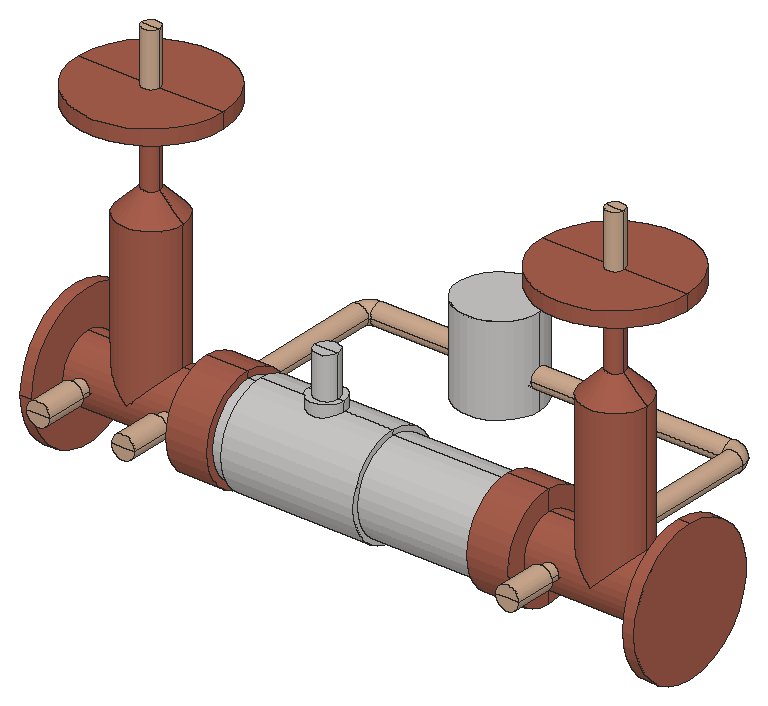
Revit family "xDouble_Check_Detector_Assemblies-Backflow_Prevention-WATTS-757DCDA-OSY", category Pipe Accessories, Revit 2014
Parameters (values of type "2-1/2" 757DCDA-OSY")
  Valve_OAL = 17.120"
  URL = "http://www.wattscanada.ca/"
  Type Comments = ""
  TC_Nipple_Rad = 0.420"
  TC_Body_Rad = 0.580"
  TC_Body_Length = 2.060"
  TC3_Dist = TC2_Dist  # 5.750"
  TC2_Dist = 5.750"
  TC1_Dist = 1.500"
  Shipping Weight = 139.00 lbf
  Region = "North America"  # constant formula
  Product Page URL = "http://www.watts.com/pages/_products_details.asp?pid=868"
  Product Documentation Link = "http://media.wattswater.com/ES-757DCDA_757NDCDA.pdf"
  Ordering Code = "CFM Meter : 0111544 / GPM Meter : 0111550"
  OAL = 30.750"
  Model = "757DCDA-OSY"
  Max. Working Pressure = "175psi (12.1 bar)"  # constant formula
  Material = "Metal-WATTS-304 Series-Stainless Steel"  # constant formula
  Manufacturer Product Line = "Backflow Prevention"  # constant formula
  Manufacturer = "WATTS"
  IN_Coupling_Dist = 6.563"
  Height = 16.375"
  GV_Stem_Rad = 0.440"
  GV_Stem_Dist = GV_OAL / 2  # 3.750"
  GV_Out_Flg_Ext_Dist = -0.570"
  GV_OSY_Stem_Height = 2.820"
  GV_OAL = 7.500"
  GV_Handle_Thk = 0.750"
  GV_Handle_Rad = 3.625"
  GV_Handle_Height = 13.750"
  GV_Flow_Rad = 1.600"
  GV_Flg_Thk = 0.570"
  GV_Flange_Rad = 3.500"
  GV_Bonnet_Hieght = 8.000"
  GV_Bonnet_Angle = 45.00°
  Flow Rate = "7.5 fps / 2.3 mps"
  Description = "Series 757DCDA, 757NDCDA Double Check Detector Assemblies prevent the backflow of pollutants that are objectionable but not toxic, from entering into the potable water supply.  Its compact housing consists of two independently operating tri-link check valves, two shutoff valves, and four test cocks.  It features a stainless steel housing and sleeve and is 70% lighter than traditional designs. Series 757, 757N is designed for non-health hazard applications and may be installed under continuous pressure service to protect against both backpressure and backsiphonage. This Series is used primarily on fire sprinkler lines when it is necessary to monitor unauthorized use of water.  Maximum Working Pressure: 175psi (12.06 bar)."  # constant formula
  Cover_Rad = 2.490"
  Cover_Length = 6.630"
  Cover_Dist = 2.680"
  Coupling_Thk = 2.050"
  Coupling_Rad = 2.580"
  Country = "United States"  # constant formula
  Connection_Rad = 1 1/4"
  Connection Type = "2-1/2\" Flanged and Grooved Connections"
  Connection Size = Connection_Rad * 2  # 2.500"
  CL_TC = 4.250"
  Body_TC_Dist = 12.550"
  Body_TC_Boss_Rad = 0.880"
  Body_TC_Boss_Hieght = 2.912"
  Body_Rad = 2.245"
  BP_WM_Top = 2.920"
  BP_WM_Rad = 2.000"
  BP_WM_Dist = 12.960"
  BP_WM_Btm = 1.520"
  BP_Sweep_Rad = 0.560"
  BP_Rad = 0.500"
  BP_Length = 18.750"
  BP_InFlg_Start = 6.320"
  BP_CL_Bypass = 10.320"
  Assembly Code = "D2090900"
Types (7): name | Valve_OAL | TC3_Dist | TC2_Dist | TC1_Dist | Shipping Weight | Ordering Code | OAL | IN_Coupling_Dist | Height | GV_Stem_Rad | GV_Stem_Dist | GV_Out_Flg_Ext_Dist | GV_OSY_Stem_Height | GV_OAL | GV_Handle_Thk | GV_Handle_Rad | GV_Handle_Height | GV_Flow_Rad | GV_Flg_Thk | GV_Flange_Rad | GV_Bonnet_Hieght | Cover_Rad | Cover_Length | Cover_Dist | Coupling_Thk | Coupling_Rad | Connection_Rad | Connection Type | Connection Size | CL_TC | Body_TC_Dist | Body_TC_Boss_Hieght | Body_Rad | BP_WM_Top | BP_WM_Dist | BP_Length | BP_InFlg_Start | BP_CL_Bypass
  (no name) | 17.120" | 5.750" | 5.750" | 1.500" | 139.00 lbf | "CFM Meter : 0111544 / GPM Meter : 0111550" | 30.750" | 6.563" | 16.375" | 0.440" | 3.750" | -0.570" | 2.820" | 7.500" | 0.750" | 3.625" | 13.750" | 1.600" | 0.570" | 3.500" | 8.000" | 2.490" | 6.630" | 2.680" | 2.050" | 2.580" | 1 1/4" | "2-1/2\" Flanged and Grooved Connections" | 2.500" | 4.250" | 12.550" | 2.912" | 2.245" | 2.920" | 12.960" | 18.750" | 6.320" | 10.320"
  2-1/2" 757DCDA-OSY | 17.120" | 5.750" | 5.750" | 1.500" | 139.00 lbf | "CFM Meter : 0111544 / GPM Meter : 0111550" | 30.750" | 6.563" | 16.375" | 0.440" | 3.750" | -0.570" | 2.820" | 7.500" | 0.750" | 3.625" | 13.750" | 1.600" | 0.570" | 3.500" | 8.000" | 2.490" | 6.630" | 2.680" | 2.050" | 2.580" | 1 1/4" | "2-1/2\" Flanged and Grooved Connections" | 2.500" | 4.250" | 12.550" | 2.912" | 2.245" | 2.920" | 12.960" | 18.750" | 6.320" | 10.320"
  3" 757DCDA-OSY | 17.374" | 6.250" | 6.250" | 1.500" | 159.00 lbf | "CFM Meter : 0111545 / GPM Meter : 0111551" | 31.750" | 7.060" | 18.875" | 0.550" | 4.000" | -0.550" | 3.200" | 8.000" | 0.750" | 4.000" | 15.500" | 1.850" | 0.550" | 3.740" | 10.000" | 2.490" | 6.630" | 2.920" | 2.050" | 2.580" | 1 1/2" | "3\" Flanged and Grooved Connections" | 3.000" | 4.440" | 13.292" | 2.910" | 2.245" | 2.920" | 12.890" | 18.990" | 6.250" | 10.570"
  4" 757DCDA-OSY | 17.500" | 7.110" | 7.110" | 1.890" | 175.00 lbf | "CFM Meter : 0111546 / GPM Meter : 0111552" | 33.750" | 8.000" | 22.750" | 0.550" | 4.500" | -0.940" | 4.750" | 9.000" | 0.750" | 4.410" | 18.000" | 2.125" | 0.940" | 4.500" | 11.000" | 2.490" | 6.630" | 2.980" | 2.050" | 2.580" | 2" | "4\" Flanged and Grooved Connections" | 4.000" | 5.150" | 14.300" | 2.910" | 2.245" | 2.900" | 13.750" | 19.280" | 7.110" | 11.265"
  6" 757DCDA-OSY | 24.750" | 8.440" | 8.440" | 2.060" | 309.00 lbf | "CFM Meter: 0111547 / GPM Meter : 0111553" | 43.500" | 9.500" | 30.125" | 0.625" | 5.250" | -1.000" | 6.750" | 10.500" | 0.750" | 5.500" | 23.380" | 3.250" | 1.000" | 5.500" | 14.000" | 3.570" | 9.540" | 3.950" | 2.050" | 3.650" | 3" | "6\" Flanged and Grooved Connections" | 6.000" | 7.410" | 18.220" | 4.000" | 3.300" | 2.920" | 17.140" | 26.750" | 8.500" | 12.910"
  8" 757DCDA-OSY | 28.870" | 9.150" | 9.150" | 2.380" | 494.00 lbf | "CFM Meter : 0111548 / GPM Meter : 0111554" | 49.750" | 10.590" | 37.750" | 0.660" | 5.770" | -1.180" | 8.500" | 11.540" | 0.750" | 5.500" | 30.500" | 4.000" | 1.180" | 6.750" | 20.000" | 4.530" | 10.200" | 5.750" | 2.430" | 4.680" | 4" | "8\" Flanged and Grooved Connections" | 8.000" | 8.360" | 21.430" | 4.950" | 4.310" | 2.920" | 17.750" | 31.850" | 9.090" | 13.980"
  10" 757DCDA-OSY | 36.190" | 8.500" | 8.500" | 2.560" | 795.00 lbf | "CFM Meter : 0111561 / GPM Meter : 0111555" | 57.750" | 11.810" | 45.750" | 0.840" | 6.500" | -1.180" | 11.300" | 13.000" | 1.000" | 6.220" | 38.000" | 5.600" | 1.180" | 8.000" | 25.000" | 5.590" | 12.150" | 5.630" | 2.360" | 7.950" | 5" | "10\" Flanged and Grooved Connections" | 10.000" | 9.420" | 23.520" | 6.010" | 5.375" | 2.920" | 19.130" | 38.830" | 10.500" | 14.180"
Reference planes (in)
  plane 1 "Center (Front/Back)": y = 0
  plane 2: z = 0
  plane 3 "Center (Left/Right)": x = 0
  plane 4 "GV1_Length": x = 7.5
  plane 5 "OAL": x = 30.75
  plane 6 "GV2_Length": x = 23.25
  plane 7 "GV_Handle": z = 13.75
  plane 8 "Bypass_WP": y = 10.32
  plane 9: x = 5.75
  plane 10: x = 1.5
  plane 11: z = 16.375
  plane 12: x = 15.375
  plane 13: x = 0
  plane 14: x = 8.13387
  plane 15: x = 15.375
  plane 16: x = 22.61613
  plane 17: x = 30.75
  plane 18: y = 1.5499
  plane 19: y = -1.5499
  plane 20: x = 12.96
  plane 21: z = -1.52
  plane 22: x = 25
  plane 23: x = 6.32
  plane 24: x = 25.07
  plane 25: x = 0
  plane 26: x = 8.13387
  plane 27: x = 15.375
  plane 28: x = 22.61613
  plane 29: x = 30.75
  plane 30: y = 1.5499
  plane 31: y = -1.5499
Forms (in)
  Revolve 1, solid, material "Metal-WATTS-Bronze-Nickel Plated"
    sketch origin (0, 0, 0) x (1, 0, 0) y (0, 0, 1)
      loop
        line (0, 0) -> (0, -1.6) -> (7.5, -1.6) -> (7.5, 0) -> (0, 0)
      loop
        line (23.25, 0) -> (23.25, -1.6) -> (30.75, -1.6) -> (30.75, 0) -> (23.25, 0)
      axis (0, 0) -> (30.75, 0)
    angle from 0 to 360
  Revolve 2, solid, material "Metal-WATTS-Bronze-Nickel Plated"
    sketch origin (0, 0, 0) x (1, 0, 0) y (0, 0, 1)
      loop
        line (3.75, 0) -> (3.75, 16.375) -> (3.31, 16.375) -> (3.31, 13.75) -> (0.125, 13.75) -> (0.125, 13) -> (3.31, 13) -> (3.31, 9.16) -> (2.15, 8) -> (2.15, 0) -> (3.75, 0)
      axis (3.75, 16.375) -> (3.75, 0)
    angle from 0 to 360
  Revolve 3, solid, material "Metal-WATTS-Bronze-Nickel Plated"
    sketch origin (0, 0, 0) x (1, 0, 0) y (0, 0, 1)
      loop
        line (27, 0) -> (27, 16.375) -> (26.56, 16.375) -> (26.56, 13.75) -> (23.375, 13.75) -> (23.375, 13) -> (26.56, 13) -> (26.56, 9.16) -> (25.4, 8) -> (25.4, 0) -> (27, 0)
      axis (27, 16.375) -> (27, 0)
    angle from 0 to 360
  Extrusion 4, solid, material "Metal-WATTS-Bronze-Nickel Plated"
    sketch origin (0, 0, 0) x (0, 1, 0) y (0, 0, 1)
      loop
        circle (0, 0) r 3.5
    from 0 to 0.57 <- "GV_Flg_Thk"
  Extrusion 5, solid, material "Metal-WATTS-Bronze-Nickel Plated"
    sketch origin (30.75, 0, 0) x (0, 0, 1) y (0, -1, 0)
      loop
        circle (0, 0) r 3.5
    from 0 to -0.57 <- "GV_Out_Flg_Ext_Dist"
  Revolve 6, solid, material "Metal-WATTS-304 Series-Stainless Steel"
    sketch origin (0, 0, 0) x (1, 0, 0) y (0, 0, 1)
      loop
        line (6.563, 0) -> (23.683, 0) -> (23.683, 2.58) -> (21.633, 2.58) -> (21.633, 2.245) -> (15.873, 2.245) -> (15.873, 2.49) -> (9.243, 2.49) -> (9.243, 2.245) -> (8.613, 2.245) -> (8.613, 2.58) -> (6.563, 2.58) -> (6.563, 0)
      axis (6.563, 0) -> (23.683, 0)
    angle from 0 to 360
  Revolve 7, solid, material "Metal-WATTS-304 Series-Stainless Steel"
    sketch origin (0, 0, 0) x (1, 0, 0) y (0, 0, 1)
      loop
        line (12.55, 0) -> (12.55, 2.912) -> (11.67, 2.912) -> (11.67, 0) -> (12.55, 0)
      axis (12.55, 2.912) -> (12.55, 0)
    angle from 0 to 360
  Revolve 8, solid, material "Metal-WATTS-304 Series-Stainless Steel"
    sketch origin (0, 0, 0) x (1, 0, 0) y (0, 0, 1)
      loop
        line (12.55, 2.912) -> (12.55, 4.972) -> (11.97, 4.972) -> (11.97, 2.912) -> (12.55, 2.912)
      axis (12.55, 4.972) -> (12.55, 2.912)
    angle from 0 to 360
  Revolve 9, solid, material "Metal-WATTS-Bronze"
    sketch origin (0, 0, 0) x (1, 0, 0) y (0, 1, 0)
      loop
        line (1.5, 0) -> (1.08, 0) -> (1.08, -2.19) -> (0.92, -2.19) -> (0.92, -4.25) -> (1.5, -4.25) -> (1.5, 0)
      axis (1.5, 0) -> (1.5, -4.25)
    angle from 0 to 360
  Revolve 10, solid, material "Metal-WATTS-Bronze"
    sketch origin (2.77158, 1.21597, 0) x (1, 0, 0) y (0, 1, 0)
      loop
        line (2.97842, -1.21597) -> (2.55842, -1.21597) -> (2.55842, -3.40597) -> (2.39842, -3.40597) -> (2.39842, -5.46597) -> (2.97842, -5.46597) -> (2.97842, -1.21597)
      axis (2.97842, -1.21597) -> (2.97842, -5.46597)
    angle from 0 to 360
  Revolve 11, solid, material "Metal-WATTS-Bronze"
    sketch origin (0, 0, 0) x (1, 0, 0) y (0, 1, 0)
      loop
        line (25, 0) -> (25, -4.25) -> (25.58, -4.25) -> (25.58, -2.19) -> (25.42, -2.19) -> (25.42, 0) -> (25, 0)
      axis (25, 0) -> (25, -4.25)
    angle from 0 to 360
  Sweep 12, solid, material "Metal-WATTS-Bronze"
    path origin (0, 0, 0) x (1, 0, 0) y (0, 1, 0)
      loop
        line (6.32, 0) -> (6.32, 9.76)
        arc (6.32, 9.76) -> (6.48402, 10.15598) -> (6.88, 10.32) r 0.56
        line (6.88, 10.32) -> (24.51, 10.32)
        arc (24.51, 10.32) -> (24.90598, 10.15598) -> (25.07, 9.76) r 0.56
        line (25.07, 9.76) -> (25.07, 0)
    profile origin (6.32, 0, 0) x (-1, 0, 0) y (0, 0, 1)
      loop
        circle (0, 0) r 0.5
  Extrusion 13, solid, material "Metal-WATTS-304 Series-Stainless Steel"
    sketch origin (0, 0, 0) x (1, 0, 0) y (0, 1, 0)
      loop
        circle (12.96, 10.32) r 2
    from -1.52 to 2.912
Cuts and joins
  joined: Revolve 1, Extrusion 4, Extrusion 5
Lines and regions (in)
  Masking region 1, detail levels fine
    outline origin (0, 0, 0) x (1, 0, 0) y (0, 1, 0)
      loop
        line (0, 3.5) -> (0, -3.5) -> (0.57, -3.5) -> (0.57, -1.6) -> (0.92, -1.6) -> (0.92, -4.25) -> (2.08, -4.25) -> (2.08, -1.6) -> (5.17, -1.6) -> (5.17, -4.25) -> (6.33, -4.25) -> (6.33, -1.6) -> (6.563, -1.6) -> (6.563, -2.58) -> (8.613, -2.58) -> (8.613, -2.245) -> (9.243, -2.245) -> (9.243, -2.58) -> (15.873, -2.58) -> (15.873, -2.245) -> (21.633, -2.245) -> (21.633, -2.58) -> (23.683, -2.58) -> (23.683, -1.6) -> (24.42, -1.6) -> (24.42, -4.25) -> (25.58, -4.25) -> (25.58, -1.6) -> (30.18, -1.6) -> (30.18, -3.5) -> (30.75, -3.5) -> (30.75, 3.5) -> (30.18, 3.5) -> (30.18, 1.6) -> (23.683, 1.6) -> (23.683, 2.58) -> (21.633, 2.58) -> (21.633, 2.245) -> (15.873, 2.245) -> (15.873, 2.58) -> (9.243, 2.58) -> (9.243, 2.245) -> (8.613, 2.245) -> (8.613, 2.58) -> (6.563, 2.58) -> (6.563, 1.6) -> (0.57, 1.6) -> (0.57, 3.5) -> (0, 3.5)
  Masking region 2, detail levels fine
    outline origin (0, 0, 0) x (1, 0, 0) y (0, 1, 0)
      loop
        line (6.82, 1.92762) -> (6.82, 9.82) -> (11.02351, 9.82)
        arc (11.02351, 9.82) -> (12.96, 8.32) -> (14.89649, 9.82) r 2
        line (14.89649, 9.82) -> (24.57, 9.82) -> (24.57, 2.68993)
        arc (24.57, 2.68993) -> (28.95644, -3.05172) -> (25.57, 3.33102) r 3.625
        line (25.57, 3.33102) -> (25.57, 9.82)
        arc (25.57, 9.82) -> (25.27711, 10.52711) -> (24.57, 10.82) r 1
        line (24.57, 10.82) -> (14.89649, 10.82)
        arc (14.89649, 10.82) -> (12.96, 12.32) -> (11.02351, 10.82) r 2
        line (11.02351, 10.82) -> (6.82, 10.82)
        arc (6.82, 10.82) -> (6.11289, 10.52711) -> (5.82, 9.82) r 1
        line (5.82, 9.82) -> (5.82, 2.97586)
        arc (5.82, 2.97586) -> (1.1271, -2.5022) -> (6.82, 1.92762) r 3.625
  symbolic lines, detail levels fine
    curve 1: circle (12.96, 10.32, 0) r 2 normal (0, 0, 1)
    curve 2: circle (3.75, 0, 0) r 3.625 normal (0, 0, -1)
    curve 3: circle (27, 0, 0) r 3.625 normal (0, 0, -1)
    curve 4: line (8.613, 2.245, 0) -> (8.613, -2.245, 0)
    curve 5: line (15.873, 2.245, 0) -> (15.873, -2.245, 0)
    curve 6: line (21.633, 2.245, 0) -> (21.633, -2.245, 0)
    curve 7: line (9.243, 2.245, 0) -> (9.243, -2.245, 0)
  model lines, detail levels coarse+medium
    curve 8: line (0, 1.5499, 0) -> (0, -1.5499, 0)
    curve 9: line (0, -1.5499, 0) -> (8.13387, 1.5499, 0)
    curve 10: line (8.13387, -1.5499, 0) -> (8.13387, 1.5499, 0)
    curve 11: line (8.13387, 1.5499, 0) -> (15.375, -1.52562, 0)
    curve 12: line (15.375, -1.52562, 0) -> (15.375, 1.5499, 0)
    curve 13: line (15.375, 1.5499, 0) -> (22.61613, -1.5499, 0)
    curve 14: line (22.61613, -1.5499, 0) -> (22.61613, 1.5499, 0)
    curve 15: line (22.61613, 1.5499, 0) -> (30.75, -1.5499, 0)
    curve 16: line (30.75, -1.5499, 0) -> (30.75, 1.5499, 0)
    curve 17: line (30.75, 1.5499, 0) -> (22.61613, -1.5499, 0)
    curve 18: line (0, 1.5499, 0) -> (8.13387, -1.5499, 0)
    curve 19: line (4.06694, 0, 0) -> (4.06694, 1.5499, 0)
    curve 20: line (26.68306, 0, 0) -> (26.68306, 1.5499, 0)
    curve 21: line (3.15663, 1.5499, 0) -> (4.97724, 1.5499, 0)
    curve 22: line (25.77276, 1.5499, 0) -> (27.59337, 1.5499, 0)
Dimensions and locks (in)
  "GV_OAL": plane 4 "GV1_Length" to plane 3 "Center (Left/Right)"
  "GV_OAL": plane 5 "OAL" to plane 6 "GV2_Length"
  "OAL": plane 5 "OAL" to plane 3 "Center (Left/Right)"
  "GV_Flow_Rad": level to Revolve 1 sketch curve
  "GV_Stem_Dist": Revolve 2 sketch curve to plane 3 "Center (Left/Right)"
  "GV_Handle_Rad": Revolve 2 sketch curve to Revolve 2 sketch curve
  "GV_Stem_Rad": Revolve 2 sketch curve to Revolve 2 sketch curve
  "GV_Flow_Rad": Revolve 2 sketch curve to Revolve 2 sketch curve
  "GV_Handle_Height": Revolve 2 sketch curve to level
  "GV_Handle_Thk": Revolve 2 sketch curve to Revolve 2 sketch curve
  "GV_Bonnet_Hieght": Revolve 2 sketch curve to level
  "GV_Stem_Dist": Revolve 3 sketch curve to plane 6 "GV2_Length"
  "GV_Bonnet_Hieght": Revolve 3 sketch curve to level
  "GV_Handle_Rad": Revolve 3 sketch curve to Revolve 3 sketch curve
  "GV_Stem_Rad": Revolve 3 sketch curve to Revolve 3 sketch curve
  "GV_Flow_Rad": Revolve 3 sketch curve to Revolve 3 sketch curve
  "IN_Coupling_Dist": Extrusion 4 to Revolve 6 sketch curve
  "Valve_OAL": Revolve 6 sketch curve to Revolve 6 sketch curve
  "Coupling_Thk": Revolve 6 sketch curve to Revolve 6 sketch curve  (x2)
  "Cover_Dist": Revolve 6 sketch curve to Revolve 6 sketch curve
  "Cover_Length": Revolve 6 sketch curve to Revolve 6 sketch curve
  "Coupling_Rad": Revolve 6 sketch curve to Revolve 6 sketch curve
  "Body_Rad": Revolve 6 sketch curve to Revolve 6 sketch curve
  "Cover_Rad": Revolve 6 sketch curve to Revolve 6 sketch curve
  "Body_TC_Dist": Revolve 7 sketch curve to plane 3 "Center (Left/Right)"
  "Body_TC_Boss_Hieght": Revolve 7 sketch curve to level
  "Body_TC_Boss_Rad": Revolve 7 sketch curve to Revolve 7 sketch curve
  "Body_TC_Dist": Revolve 8 sketch curve to plane 3 "Center (Left/Right)"
  "TC_Body_Rad": Revolve 8 sketch curve to Revolve 8 sketch curve
  "TC_Body_Length": Revolve 8 sketch curve to Revolve 7
  "CL_TC": Revolve 9 sketch curve to plane 1 "Center (Front/Back)"
  "TC_Body_Length": Revolve 9 sketch curve to Revolve 9 sketch curve
  "TC_Body_Rad": Revolve 9 sketch curve to Revolve 9 sketch curve
  "TC_Nipple_Rad": Revolve 9 sketch curve to Revolve 9 sketch curve
  "TC1_Dist": Extrusion 4 to Revolve 9 sketch curve
  "TC2_Dist": plane 3 "Center (Left/Right)" to Revolve 10 sketch curve
  "TC_Body_Rad": Revolve 10 sketch curve to Revolve 10 sketch curve
  "TC_Nipple_Rad": Revolve 10 sketch curve to Revolve 10 sketch curve
  "TC_Nipple_Rad": Revolve 11 sketch curve to Revolve 11 sketch curve
  "TC_Body_Rad": Revolve 11 sketch curve to Revolve 11 sketch curve
  "TC3_Dist": Revolve 11 sketch curve to Extrusion 5
  "GV_Handle_Height": plane 7 "GV_Handle" to level
  "BP_CL_Bypass": plane 1 "Center (Front/Back)" to plane 8 "Bypass_WP"
  "BP_InFlg_Start": plane 3 "Center (Left/Right)" to Sweep 12 sketch curve
  "BP_Length": Sweep 12 sketch curve to Sweep 12 sketch curve
  "Height": plane 11 to level
  plane 6 "GV2_Length" to plane 4 "GV1_Length" = 15.750"
  equal spacing: plane 3 "Center (Left/Right)", plane 12, plane 5 "OAL"
  locked: plane 13 to plane 14 at 8.13387
  locked: plane 14 to plane 15 at 7.24113
  locked: plane 15 to plane 16 at 7.24113
  locked: plane 16 to plane 17 at 8.13387
  locked: plane 1 "Center (Front/Back)" to plane 18 at 1.5499
  locked: plane 19 to plane 1 "Center (Front/Back)" at 1.5499
  "BP_WM_Dist": plane 3 "Center (Left/Right)" to plane 20
  "BP_WM_Btm": plane 2 to plane 21
  "GV_Flow_Rad": plane 1 "Center (Front/Back)" to Masking region 1 sketch curve
  "GV_Flow_Rad": Masking region 1 sketch curve to plane 1 "Center (Front/Back)"
  "Body_Rad": plane 1 "Center (Front/Back)" to Masking region 1 sketch curve
  "Coupling_Rad": plane 1 "Center (Front/Back)" to Masking region 1 sketch curve
  "Body_Rad": Masking region 1 sketch curve to plane 1 "Center (Front/Back)"
  "Coupling_Rad": Masking region 1 sketch curve to plane 1 "Center (Front/Back)"
  "GV_Flange_Rad": plane 1 "Center (Front/Back)" to Masking region 1 sketch curve
  "GV_Flange_Rad": Masking region 1 sketch curve to plane 1 "Center (Front/Back)"
  "TC1_Dist": plane 3 "Center (Left/Right)" to plane 10
  "TC2_Dist": plane 3 "Center (Left/Right)" to plane 9
  "TC3_Dist": plane 22 to plane 5 "OAL"
  locked: plane 22 to Masking region 1 sketch curve at 0.58
  locked: Masking region 1 sketch curve to plane 22 at 0.58
  locked: plane 9 to Masking region 1 sketch curve at 0.58
  locked: Masking region 1 sketch curve to plane 9 at 0.58
  locked: plane 10 to Masking region 1 sketch curve at 0.58
  locked: Masking region 1 sketch curve to plane 10 at 0.58
  "BP_InFlg_Start": plane 3 "Center (Left/Right)" to plane 23
  "BP_Length": plane 23 to plane 24
  locked: plane 24 to Masking region 2 sketch curve at 0.5
  locked: Masking region 2 sketch curve to plane 24 at 0.5
  locked: plane 23 to Masking region 2 sketch curve at 0.5
  locked: Masking region 2 sketch curve to plane 23 at 0.5
  locked: Masking region 2 sketch curve to plane 8 "Bypass_WP" at 0.5
  locked: plane 8 "Bypass_WP" to Masking region 2 sketch curve at 0.5
  locked: plane 25 to plane 26 at 8.13387
  locked: plane 26 to plane 27 at 7.24113
  locked: plane 27 to plane 28 at 7.24113
  locked: plane 28 to plane 29 at 8.13387
  equal spacing: plane 25, curve 19, plane 26
  equal spacing: plane 28, curve 20, plane 29
  locked: plane 25 to curve 21 at 3.15663
  locked: curve 21 to plane 26 at 3.15663
  locked: plane 28 to curve 22 at 3.15663
  locked: curve 22 to plane 29 at 3.15663
  "GV_Flange_Rad": radius of Extrusion 4 sketch curve
  "BP_Sweep_Rad": radius of Sweep 12 sketch curve  (x2)
  "BP_Rad": radius of Sweep 12 sketch curve
  "BP_WM_Rad": radius of Extrusion 13 sketch curve
  "GV_Bonnet_Angle": angle Revolve 2 sketch curve to Revolve 2 sketch curve
  "GV_Bonnet_Angle": angle Revolve 3 sketch curve to Revolve 3 sketch curve
  aligned and locked: plane 3 "Center (Left/Right)" to Revolve 1 sketch curve
  aligned and locked: Revolve 1 sketch curve to level
  aligned and locked: Revolve 1 sketch curve to plane 4 "GV1_Length"
  aligned and locked: plane 6 "GV2_Length" to Revolve 1 sketch curve
  aligned and locked: Revolve 1 sketch curve to Revolve 1 sketch curve  (x2)
  aligned and locked: Revolve 1 sketch curve to plane 5 "OAL"
  aligned and locked: Revolve 2 sketch curve to Revolve 2 sketch curve  (x2)
  aligned and locked: Revolve 3 sketch curve to Revolve 2
  aligned and locked: Revolve 2 to Revolve 3 sketch curve
  aligned and locked: Revolve 3 sketch curve to Revolve 3 sketch curve  (x2)
  aligned and locked: Extrusion 5 sketch curve to Extrusion 4
  aligned and locked: Revolve 6 sketch curve to Revolve 6 sketch curve  (x3)
  aligned and locked: level to Revolve 7 sketch curve
  aligned and locked: Revolve 7 sketch curve to Revolve 7 sketch curve
  aligned and locked: Revolve 8 sketch curve to Revolve 7
  aligned and locked: Revolve 8 sketch curve to Revolve 8 sketch curve
  aligned and locked: plane 1 "Center (Front/Back)" to Revolve 9 sketch curve
  aligned and locked: Revolve 9 sketch curve to Revolve 9 sketch curve
  aligned and locked: plane 1 "Center (Front/Back)" to Revolve 10 sketch curve
  aligned and locked: Revolve 10 sketch curve to Revolve 9
  aligned and locked: Revolve 9 to Revolve 10 sketch curve
  aligned and locked: Revolve 10 sketch curve to Revolve 10 sketch curve
  aligned and locked: Revolve 11 sketch curve to plane 1 "Center (Front/Back)"
  aligned and locked: Revolve 11 sketch curve to Revolve 9
  aligned and locked: Revolve 9 to Revolve 11 sketch curve
  aligned and locked: Revolve 11 sketch curve to Revolve 11 sketch curve
  aligned and locked: Sweep 12 sketch curve to plane 8 "Bypass_WP"
  aligned and locked: plane 1 "Center (Front/Back)" to Sweep 12 sketch curve  (x2)
  aligned and locked: plane 5 "OAL" to Extrusion 5
  aligned and locked: plane 11 to Revolve 2 sketch curve
  aligned and locked: plane 11 to Revolve 3 sketch curve
  aligned and locked: plane 12 to plane 15
  aligned and locked: plane 20 to Extrusion 13 sketch curve
  aligned and locked: plane 8 "Bypass_WP" to Extrusion 13 sketch curve
  aligned and locked: Extrusion 13 to Revolve 7
  aligned and locked: Extrusion 13 to plane 21
  aligned and locked: Masking region 1 sketch curve to Masking region 1 sketch curve  (x18)
  aligned and locked: cut or joined group of Revolve 1, Extrusion 4, Extrusion 5 to Masking region 1 sketch curve
  aligned and locked: plane 5 "OAL" to Masking region 1 sketch curve
  aligned and locked: Masking region 1 sketch curve to plane 3 "Center (Left/Right)"
  aligned and locked: Masking region 1 sketch curve to cut or joined group of Revolve 1, Extrusion 4, Extrusion 5
  aligned and locked: Masking region 1 sketch curve to Revolve 11
  aligned and locked: Masking region 1 sketch curve to Revolve 9
  aligned and locked: Masking region 1 sketch curve to Revolve 6  (x7)
  aligned and locked: Revolve 6 to Masking region 1 sketch curve  (x3)
  aligned and locked: Masking region 2 sketch curve to Revolve 2
  aligned and locked: Masking region 2 sketch curve to Revolve 3
  aligned and locked: Masking region 2 sketch curve to Extrusion 13  (x2)
  aligned and locked: Masking region 2 sketch curve to Masking region 2 sketch curve  (x2)
  aligned and locked: curve 1 to Extrusion 13
  aligned and locked: curve 2 to Revolve 2
  aligned and locked: curve 3 to Revolve 3
  aligned and locked: Revolve 6 to curve 4
  aligned and locked: Revolve 6 to curve 5
  aligned and locked: Revolve 6 to curve 6
  aligned and locked: Masking region 1 to curve 4
  aligned and locked: curve 4 to Masking region 1
  aligned and locked: curve 5 to Masking region 1
  aligned and locked: Masking region 1 to curve 5
  aligned and locked: curve 6 to Masking region 1
  aligned and locked: Masking region 1 to curve 6
  aligned and locked: Revolve 6 to curve 7
  aligned and locked: curve 7 to Masking region 1
  aligned and locked: Masking region 1 to curve 7
  aligned and locked: plane 25 to curve 8
  aligned and locked: curve 10 to plane 26
  aligned and locked: curve 12 to plane 27
  aligned and locked: curve 14 to plane 28
  aligned and locked: curve 16 to plane 29
  aligned and locked: curve 21 to plane 30
  aligned and locked: curve 22 to plane 30
  aligned and locked: plane 27 to plane 12
Automatic sketch dimensions
  plane 1 "Center (Front/Back)" to Revolve 9 sketch curve = 0.000"
  Revolve 9 sketch curve to Revolve 9 sketch curve = 0.000"
  Revolve 10 sketch curve to plane 1 "Center (Front/Back)" = 1.21597"
  Revolve 10 sketch curve to Revolve 10 sketch curve = 0.000"
  curve 8 to curve 10 = 0.000"
  curve 13 to curve 16 = 0.000"
  curve 18 to curve 11 = 0.02428"
  curve 11 to curve 12 = 3.07552"
  curve 15 to curve 17 = 3.0998"
  curve 8 to curve 18 = 3.0998"
  curve 19 to curve 21 = 1.5499"
  curve 20 to curve 22 = 1.5499"
  Revolve 1 sketch curve to level = 0.000"  (x2)
  Revolve 1 sketch curve to plane 5 "OAL" = 0.000"
  Revolve 2 sketch curve to level = 0.000"  (x2)
  Revolve 2 sketch curve to Revolve 2 sketch curve = 1.000"
  Revolve 3 sketch curve to level = 0.000"  (x2)
  Revolve 3 sketch curve to Revolve 3 sketch curve = 0.39186"
  Extrusion 4 sketch curve to level = 0.000"
  Extrusion 4 sketch curve to plane 1 "Center (Front/Back)" = 0.000"
  Revolve 6 sketch curve to level = 0.000"
  Revolve 6 sketch curve to Revolve 6 sketch curve = 0.000"  (x2)
  Revolve 7 sketch curve to level = 0.000"
  Revolve 7 sketch curve to Revolve 7 sketch curve = 0.000"
  Revolve 8 sketch curve to Revolve 8 sketch curve = 0.060"
  Revolve 8 sketch curve to Revolve 8 sketch curve = 0.000"
  plane 1 "Center (Front/Back)" to Revolve 11 sketch curve = 0.000"
  Revolve 11 sketch curve to Revolve 11 sketch curve = 0.000"
  Sweep 12 sketch curve to level = 0.000"
  Sweep 12 sketch curve to profile plane = 0.000"
  plane 23 to Masking region 2 sketch curve = 0.500"
  Masking region 2 sketch curve to plane 22 = 0.430"
  plane 19 to curve 10 = 0.000"
  plane 19 to curve 13 = 0.000"
Connectors (in)
  piping at (0, 0, 0), diameter 2.5, driven by "Connection_Rad"
    settings: on Extrusion 4, index 1, connector inside diameter 2 1/2", connector length 0.000", flow factor 0, pipe flow 0 GPM, pressure drop 0.00 psi, fitting loss kfactor 0, connector angle 0.00°, fixture units 0, engagement length 0.000", angle of deflection 0.00°, flow configuration 0, flow direction 1, fitting loss method 0, system type 29, joint type 0, gender type 0, connector reference index 2, connector utility 0, adjustable connector no, is connector primary yes, connector description "Inlet Connection"
  piping at (30.75, 0, 0), diameter 2.5, driven by "Connection_Rad"
    settings: on Extrusion 5, index 2, connector inside diameter 2 1/2", connector length 0.000", flow factor 0, pipe flow 0 GPM, pressure drop 0.00 psi, fitting loss kfactor 0, connector angle 0.00°, fixture units 0, engagement length 0.000", angle of deflection 0.00°, flow configuration 0, flow direction 2, fitting loss method 0, system type 29, joint type 0, gender type 0, connector reference index 1, connector utility 0, adjustable connector no, is connector primary no, connector description "Outlet Connection"
